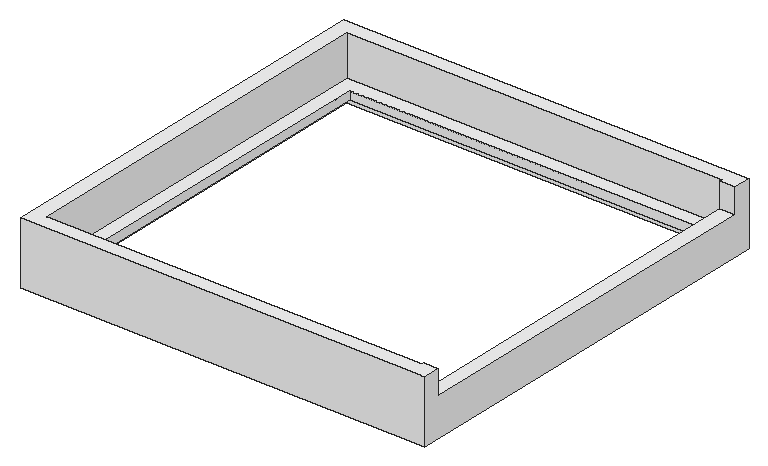
Revit family "Gira_028203", category Electrical Fixtures, host Face, Revit 2017
Family settings
  Host = Face
  Maintain Annotation Orientation = No
  Round Connector Dimension = Use Diameter
  Part Type = Normal
  Cut with Voids When Loaded = No
  Shared = No
  Room Calculation Point = No
Parameters (values of type "Adapterrahmen quadr. 50 x 50 mm System 55 Reinweiß")
  URL = "http://katalog.gira.de/de_DE/datenblatt.html?artikelnr=028203"
  Region = "DE"
  RAL-Nummer (ähnlich) = "9010 "
  Name = "Adapterrahmen quadr. 50 x 50 mm System 55 Reinweiß"
  Mit Textfeld = "No"
  Mit Klappdeckel = "No"
  Manufacturer URL = "https://www.gira.de/"
  Keynote = "Sys55_Adapterrahmen_50x50"
  HeinzeBIM = "https://bimportal.heinze.de/bim/adapterrahmen-quadr-50-x-50-mm-system-55-reinweiss/ce9e4e64a5160d3b0767e3e9673997b264a2476a"
  HAN = "028203"
  GTIN = "4010337282037"
  Farbe = "weiß"
  Default Elevation = 1219.2 mm
  Data sheet (1) = "https://katalog.gira.de/de_DE/download.html?artikelnr=028203"
  Category = "Übergangsadapter für Installationsschalterprogramme"
  Available = "Yes"
  Abschließbar = "No"
  Abmessungen = "quadratisch 50 mm / quadratisch 50 mm"
Reference planes
  plane 1 "Center (Front/Back)": y = 0
  plane 2: z = 0
  plane 3 "Center (Left/Right)": x = 0
  plane 4: y = 27.7
  plane 5: y = -27.7
  plane 6: x = 27.7
  plane 7: x = -27.7
  plane 8: y = -25.4
  plane 9: y = 25.4
Forms (mm)
  Extrusion 1, solid, material "White", detail levels fine
    sketch origin (0, 0, 0) x (1, 0, 0) y (0, 1, 0)
      loop
        line (-27.7, 27.7) -> (-27.7, -27.7) -> (27.7, -27.7) -> (27.7, 27.7) -> (-27.7, 27.7)
      loop
        line (-25.7, 25.7) -> (-25.7, -25.7) -> (25.7, -25.7) -> (25.7, 25.7) -> (-25.7, 25.7)
    from 0 to 8.6
  Extrusion 2, solid, material "White", detail levels fine
    sketch origin (0, 0, 0) x (1, 0, 0) y (0, 1, 0)
      loop
        line (-25.7, 25.7) -> (-25.7, -25.7) -> (25.7, -25.7) -> (25.7, 25.7) -> (-25.7, 25.7)
      loop
        line (-23.7, 23.7) -> (-23.7, -23.7) -> (23.7, -23.7) -> (23.7, 23.7) -> (-23.7, 23.7)
    from 1.9 to 3.1
  Extrusion 3, void, detail levels fine
    sketch origin (0, 0, 0) x (1, 0, 0) y (0, 1, 0)
      loop
        line (27.7, 25.4) -> (25.7, 25.4) -> (25.7, -25.4) -> (27.7, -25.4) -> (27.7, 25.4)
    from 5.2 to 10
  Extrusion 4, solid, material "White", detail levels coarse+medium
    sketch origin (0, 0, 0) x (1, 0, 0) y (0, 1, 0)
      loop
        line (-27.7, 27.7) -> (-27.7, -27.7) -> (27.7, -27.7) -> (27.7, 27.7) -> (-27.7, 27.7)
    from 0 to 8.6
Cuts and joins
  Extrusion 3 cuts Extrusion 1
  Extrusion 3 cuts Extrusion 2
Dimensions and locks
  aligned and locked: plane 2 to host face
  aligned and locked: level to host face
